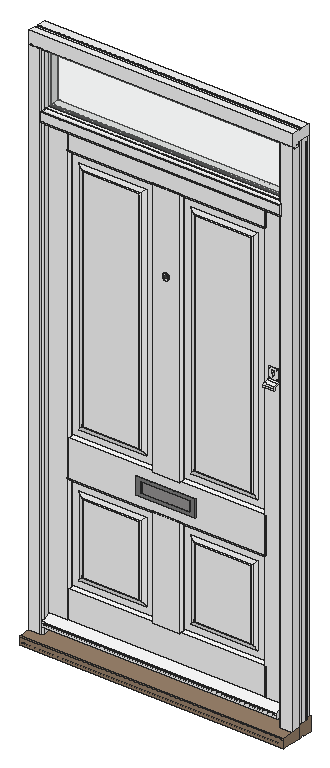
Revit family "ED22-F", category Doors, host Wall, Revit 2012
Parameters
  White = White
  Rough Width = 1128.241 mm
  LeverRequired = no
  Lever/HandleHeight = 1000.0 mm
  Lever/HandleFromLeafSide = 29.0 mm
  LetterBox1 = LetterBox 1
  LetterBox = LetterBox
  Glass = Glass
  Function = Interior
  Height = 2545.0 mm
  Wall Closure = By host
  Width = 1230.0 mm
Reference planes
  plane 1 "Center (Front/Back)": y = 0
  plane 2 "Center (Left/Right)": x = 0
  plane 3 "Left": x = -615
  plane 4 "Right": x = 615
  plane 5 "Top": z = 2545
  plane 6 "Exterior": y = 47
  plane 7 "Interior": y = -47
  plane 8: z = 249.6
  plane 9: z = 717.6
  plane 10: z = 483.6
  plane 11: z = 879.6
  plane 12: z = 1483.3
  plane 13: z = 2493
  plane 14: x = 459
  plane 15: x = -459
  plane 16: x = -275
  plane 17: x = 275
  plane 18: y = -14
  plane 19: z = 2172
  plane 20: z = 2087
  plane 21: x = -91
  plane 22: x = 91
  plane 23: x = -560
  plane 24: x = 560
  plane 25: z = 1500
Forms (mm)
  Sweep 1, solid, material "White" <- "White"
    path origin (0, 0, 0) x (1, 0, 0) y (0, 0, 1)
      loop
        line (-615, 0) -> (-615, 2545) -> (615, 2545) -> (615, 0)
    profile origin (-615, 0, 1272.5) x (-1, 0, 0) y (0, -1, 0)
      loop
        line (0, 10) -> (0, 47) -> (-55, 47) -> (-55, 44)
        arc (-55, 44) -> (-62.071, 41.071) -> (-65, 34) r 10
        line (-65, 34) -> (-68, 34) -> (-68, 18) -> (-48, 18) -> (-48, 14) -> (-56, 14) -> (-56, 4) -> (-48, 4) -> (-48, 1) -> (-54, 1) -> (-54, -7) -> (-48, -7) -> (-48, -32)
        arc (-48, -32) -> (-47.414, -33.414) -> (-46, -34) r 2
        line (-46, -34) -> (-45, -34) -> (-45, -41) -> (-46, -41)
        arc (-46, -41) -> (-47.414, -41.586) -> (-48, -43) r 2
        line (-48, -43) -> (-48, -47) -> (0, -47) -> (0, -42) -> (-2, -42)
        arc (-2, -42) -> (-5, -39) -> (-2, -36) r 3
        line (-2, -36) -> (0, -36) -> (0, -10) -> (-5, -10) -> (-5, 10) -> (0, 10)
  Sweep 2, solid, material "White" <- "White"
    path origin (20, 0, 0) x (1, 0, 0) y (0, 0, 1)
      loop
        line (-635, 71) -> (-635, 2188)
    profile origin (-615, 0, 1129.5) x (-1, 0, 0) y (0, -1, 0)
      loop
        line (-156, 14) -> (-167, 3) -> (-167, 1) -> (-151, 1) -> (-151, -46) -> (-55, -46)
        arc (-55, -46) -> (-52.879, -45.121) -> (-52, -43) r 3
        line (-52, -43) -> (-52, -11)
        arc (-52, -11) -> (-52.586, -9.586) -> (-54, -9) r 2
        line (-54, -9) -> (-60, -9) -> (-60, 11)
        arc (-60, 11) -> (-60.879, 13.121) -> (-63, 14) r 3
        line (-63, 14) -> (-156, 14)
  Sweep 3, solid, material "White" <- "White"
    path origin (-20, 0, 0) x (-1, 0, 0) y (0, 0, -1)
      loop
        line (-635, -71) -> (-635, -2188)
    profile origin (615, 0, 1129.5) x (-1, 0, 0) y (0, -1, 0)
      loop
        line (156, 14) -> (63, 14)
        arc (63, 14) -> (60.879, 13.121) -> (60, 11) r 3
        line (60, 11) -> (60, -9) -> (54, -9)
        arc (54, -9) -> (52.586, -9.586) -> (52, -11) r 2
        line (52, -11) -> (52, -43)
        arc (52, -43) -> (52.879, -45.121) -> (55, -46) r 3
        line (55, -46) -> (151, -46) -> (151, 1) -> (167, 1) -> (167, 3) -> (156, 14)
  Sweep 4, solid, material "Wood"
    path origin (0, 0, 0) x (1, 0, 0) y (0, 0, 1)
      loop
        line (615, 0) -> (-615, 0)
    profile origin (0, 0, 0) x (0, 0, -1) y (0, -1, 0)
      loop
        line (-65, -59) -> (0, -59) -> (0, -22) -> (-5, -22) -> (-5, -2) -> (0, -2) -> (0, 6) -> (-33, 6) -> (-33, 1) -> (-48.176, 1) -> (-48.176, 6) -> (-57, 6)
        arc (-57, 6) -> (-57.707, 5.707) -> (-58, 5) r 1
        line (-58, 5) -> (-58, -43) -> (-68, -43) -> (-68, -56)
        arc (-68, -56) -> (-67.121, -58.121) -> (-65, -59) r 3
  Sweep 5, solid, material "Wood"
    path origin (0, -3.037, 0) x (1, 0, 0) y (0, 0, 1)
      loop
        line (615, 0) -> (-615, 0)
    profile origin (0, -3.037, 0) x (0, 0, -1) y (0, -1, 0)
      loop
        line (-2, 87.963) -> (0, 87.963) -> (0, 92.963) -> (-35.11, 92.963)
        arc (-35.11, 92.963) -> (-36.436, 92.461) -> (-37.095, 91.207) r 2
        line (-37.095, 91.207) -> (-48.176, 0.963) -> (-48.176, -4.037) -> (-33, -4.037) -> (-33, 2.963) -> (0, 2.963) -> (0, 81.963) -> (-2, 81.963)
        arc (-2, 81.963) -> (-5, 84.963) -> (-2, 87.963) r 3
  Sweep 6, solid, material "White" <- "White"
    path origin (0, 3.625, 0) x (1, 0, 0) y (0, 0, 1)
      loop
        line (-464, 483.6) -> (464, 483.6)
    profile origin (0, 3.625, 483.6) x (0, 0, 1) y (0, -1, 0)
      loop
        line (-411.1, -43) -> (-234, -43) -> (-234, 4) -> (-217.9, 4) -> (-217.9, 6) -> (-228.9, 17) -> (-358.9, 17) -> (-358.9, 12) -> (-371.9, 12) -> (-371.9, 17) -> (-403.9, 17) -> (-403.9, -32.375) -> (-412.6, -32.375) -> (-412.6, -41.5)
        arc (-412.6, -41.5) -> (-412.161, -42.561) -> (-411.1, -43) r 1.5
  Sweep 7, solid, material "White" <- "White"
    path origin (0, 3, -5) x (1, 0, 0) y (0, 0, 1)
      loop
        line (-547, 488.6) -> (547, 488.6)
    profile origin (0, 3, 483.6) x (0, 0, 1) y (0, -1, 0)
      loop
        line (-403.9, 17) -> (-371.9, 17) -> (-371.9, 12) -> (-358.9, 12) -> (-358.9, 17) -> (-383.987, 55.631)
        arc (-383.987, 55.631) -> (-385.072, 56.634) -> (-386.503, 56.997) r 3
        line (-386.503, 56.997) -> (-403.9, 56.997) -> (-403.9, 51.997) -> (-401.9, 51.997)
        arc (-401.9, 51.997) -> (-398.9, 48.997) -> (-401.9, 45.997) r 3
        line (-401.9, 45.997) -> (-403.9, 45.997) -> (-403.9, 17)
  Sweep 8, void
    path origin (0, 0, 0) x (1, 0, 0) y (0, 1, 0)
      loop
        line (-615, 0) -> (615, 0)
    profile origin (0, 0, 0) x (0, 1, 0) y (0, 0, 1)
      loop
        line (56, 68) -> (43, 68) -> (43, 58) -> (-5, 58)
        arc (-5, 58) -> (-5.707, 57.707) -> (-6, 57) r 1
        line (-6, 57) -> (-6, 47.93) -> (-94.244, 37.095)
        arc (-94.244, 37.095) -> (-95.498, 36.436) -> (-96, 35.11) r 2
        line (-96, 35.11) -> (-121, 35.11) -> (-121, -20) -> (79, -20) -> (79, 65) -> (59, 65)
        arc (59, 65) -> (58.121, 67.121) -> (56, 68) r 3
  Sweep 9, solid, material "White" <- "White"
    path origin (0, 3.625, 1440) x (1, 0, 0) y (0, 0, 1)
      loop
        line (-464, 732) -> (464, 732)
    profile origin (0, 3.625, 2172) x (0, 0, 1) y (0, -1, 0)
      loop
        line (-90, 17) -> (-101, 6) -> (-101, 4) -> (-85, 4) -> (-85, -43) -> (13, -43)
        arc (13, -43) -> (15.121, -42.121) -> (16, -40) r 3
        line (16, -40) -> (16, -29) -> (13.5, -29) -> (13.5, -9) -> (16, -9) -> (16, -8)
        arc (16, -8) -> (15.414, -6.586) -> (14, -6) r 2
        line (14, -6) -> (8, -6) -> (8, 14)
        arc (8, 14) -> (7.121, 16.121) -> (5, 17) r 3
        line (5, 17) -> (-90, 17)
  Sweep 10, solid, material "White" <- "White"
    path origin (0, -29.222, 4812.706) x (1, 0, 0) y (0, 0, 1)
      loop
        line (-560, -2640.706) -> (560, -2640.706)
    profile origin (0, -29.222, 2172) x (0, 0, 1) y (0, -1, 0)
      loop
        arc (46, -76.2) -> (47.414, -75.614) -> (48, -74.2) r 2
        line (48, -74.2) -> (48, -68.6) -> (45, -68.6) -> (45, -61.2) -> (48, -61.2) -> (48, -16.2) -> (52, -16.2) -> (52, -11.2) -> (57, -11.2) -> (57, -2.2) -> (60, -2.2) -> (60, -11.2) -> (68, -11.2) -> (68, 4.8) -> (65, 4.8)
        arc (65, 4.8) -> (62.071, 11.871) -> (55, 14.8) r 10
        line (55, 14.8) -> (55, 22.8) -> (18, 22.8) -> (18, 19.8)
        arc (18, 19.8) -> (7.393, 15.407) -> (3, 4.8) r 15
        line (3, 4.8) -> (0, 4.8) -> (0, -11.2) -> (8, -11.2) -> (8, -2.2) -> (11, -2.2) -> (11, -11.2) -> (16, -11.2) -> (16, -19.2) -> (20, -19.2) -> (20, -23.2) -> (14, -23.2) -> (14, -32.2) -> (12, -32.2) -> (12, -36.2) -> (20, -36.2) -> (20, -61.2) -> (23, -61.2) -> (23, -68.6) -> (20, -68.6) -> (20, -74.2)
        arc (20, -74.2) -> (20.586, -75.614) -> (22, -76.2) r 2
        line (22, -76.2) -> (46, -76.2)
  Sweep 11, solid, material "White" <- "White"
    path origin (420, 0, -1597) x (-1, 0, 0) y (0, 0, -1)
      loop
        line (362.5, -2314.6) -> (362.5, -1846.6) -> (-44, -1846.6) -> (-44, -2314.6) -> (362.5, -2314.6)
    profile origin (260.75, 0, 717.6) x (0, 0, 1) y (0, -1, 0)
      loop
        line (-5, -44) -> (0, -44) -> (0, -25) -> (-12, -25) -> (-12, -28) -> (-16, -29) -> (-16, -33) -> (-13, -33)
        arc (-13, -33) -> (-10.657, -38.657) -> (-5, -41) r 8
        line (-5, -41) -> (-5, -44)
  Sweep 12, solid, material "White" <- "White"
    path origin (420, 0, -1597) x (-1, 0, 0) y (0, 0, -1)
      loop
        line (-44, -2314.6) -> (362.5, -2314.6) -> (362.5, -1846.6) -> (-44, -1846.6) -> (-44, -2314.6)
    profile origin (260.75, 0, 717.6) x (0, 0, -1) y (0, -1, 0)
      loop
        line (1, -21) -> (1, -25) -> (46.25, -25) -> (66.284, -31.279) -> (72.25, -37.245) -> (72.25, -21) -> (1, -21)
      loop
        line (1, -5) -> (72.25, -5) -> (72.25, 11.245) -> (66.284, 5.279) -> (46.25, -1) -> (1, -1) -> (1, -5)
  Extrusion 13, solid, material "White" <- "White"
    sketch origin (420, 0, 0) x (1, 0, 0) y (0, 0, 1)
      loop
        line (-28.25, 645.35) -> (-290.25, 645.35) -> (-290.25, 321.85) -> (-28.25, 321.85) -> (-28.25, 645.35)
    from -37.245 to 11.245
  Sweep 14, solid, material "White" <- "White"
    path origin (0, 0, 800) x (1, 0, 0) y (0, 0, 1)
      loop
        line (0, -82.4) -> (0, -550.4)
    profile origin (0, 0, 483.6) x (0, -1, 0) y (1, 0, 0)
      loop
        line (14, 62.5) -> (3, 73.5) -> (1, 73.5) -> (1, 57.5) -> (-46, 57.5) -> (-46, 2.465) -> (-46, -57.5) -> (1, -57.5) -> (1, -73.5) -> (3, -73.5) -> (14, -62.5) -> (14, 2.279) -> (14, 62.5)
  Sweep 15, solid, material "White" <- "White"
    path origin (420, 0, -659) x (-1, 0, 0) y (0, 0, -1)
      loop
        line (362.5, -2746) -> (362.5, -1538.6) -> (-44, -1538.6) -> (-44, -2746) -> (362.5, -2746)
    profile origin (260.75, 0, 2087) x (0, 0, 1) y (0, -1, 0)
      loop
        line (-5, -44) -> (0, -44) -> (0, -25) -> (-12, -25) -> (-12, -28) -> (-16, -29) -> (-16, -33) -> (-13, -33)
        arc (-13, -33) -> (-10.657, -38.657) -> (-5, -41) r 8
        line (-5, -41) -> (-5, -44)
  Sweep 16, solid, material "White" <- "White"
    path origin (420, 0, -659) x (-1, 0, 0) y (0, 0, -1)
      loop
        line (-44, -2746) -> (362.5, -2746) -> (362.5, -1538.6) -> (-44, -1538.6) -> (-44, -2746)
    profile origin (260.75, 0, 2087) x (0, 0, -1) y (0, -1, 0)
      loop
        line (1, -21) -> (1, -25) -> (46.25, -25) -> (66.284, -31.279) -> (72.25, -37.245) -> (72.25, -21) -> (1, -21)
      loop
        line (1, -5) -> (72.25, -5) -> (72.25, 11.245) -> (66.284, 5.279) -> (46.25, -1) -> (1, -1) -> (1, -5)
  Extrusion 17, solid, material "White" <- "White"
    sketch origin (420, 0, 938) x (1, 0, 0) y (0, 0, 1)
      loop
        line (-28.25, 1076.75) -> (-290.25, 1076.75) -> (-290.25, 13.85) -> (-28.25, 13.85) -> (-28.25, 1076.75)
    from -37.245 to 11.245
  Sweep 18, solid, material "White" <- "White"
    path origin (-250, 0, -659) x (-1, 0, 0) y (0, 0, -1)
      loop
        line (214, -2746) -> (214, -1538.6) -> (-192.5, -1538.6) -> (-192.5, -2746) -> (214, -2746)
    profile origin (-260.75, 0, 2087) x (0, 0, 1) y (0, -1, 0)
      loop
        line (-5, -44) -> (0, -44) -> (0, -25) -> (-12, -25) -> (-12, -28) -> (-16, -29) -> (-16, -33) -> (-13, -33)
        arc (-13, -33) -> (-10.657, -38.657) -> (-5, -41) r 8
        line (-5, -41) -> (-5, -44)
  Sweep 19, solid, material "White" <- "White"
    path origin (-250, 0, -659) x (-1, 0, 0) y (0, 0, -1)
      loop
        line (-192.5, -2746) -> (214, -2746) -> (214, -1538.6) -> (-192.5, -1538.6) -> (-192.5, -2746)
    profile origin (-260.75, 0, 2087) x (0, 0, -1) y (0, -1, 0)
      loop
        line (1, -21) -> (1, -25) -> (46.25, -25) -> (66.284, -31.279) -> (72.25, -37.245) -> (72.25, -21) -> (1, -21)
      loop
        line (1, -5) -> (72.25, -5) -> (72.25, 11.245) -> (66.284, 5.279) -> (46.25, -1) -> (1, -1) -> (1, -5)
  Extrusion 20, solid, material "White" <- "White"
    sketch origin (-250, 0, 938) x (1, 0, 0) y (0, 0, 1)
      loop
        line (120.25, 1076.75) -> (-141.75, 1076.75) -> (-141.75, 13.85) -> (120.25, 13.85) -> (120.25, 1076.75)
    from -37.245 to 11.245
  Sweep 21, solid, material "White" <- "White"
    path origin (0, 0, 0) x (1, 0, 0) y (0, 0, 1)
      loop
        line (-547, 2477) -> (-547, 2240) -> (547, 2240) -> (547, 2477) -> (-547, 2477)
    profile origin (0, 0, 2477) x (0, 0, 1) y (0, -1, 0)
      loop
        line (20, -4) -> (5.47, -4)
        arc (5.47, -4) -> (2.474, -5.35) -> (1.5, -8.487) r 4
        line (1.5, -8.487) -> (6.01, -45.222)
        arc (6.01, -45.222) -> (6.67, -46.476) -> (7.995, -46.978) r 2
        line (7.995, -46.978) -> (18, -46.978)
        arc (18, -46.978) -> (19.414, -46.392) -> (20, -44.978) r 2
        line (20, -44.978) -> (20, -4)
      loop
        line (16, 0) -> (16, 8) -> (8, 8) -> (8, 0) -> (16, 0)
      loop
        line (5.299, 16) -> (16, 16) -> (16, 18) -> (5.299, 18) -> (5.299, 16)
  Sweep 22, solid, material "White" <- "White"
    path origin (0, 0, 0) x (1, 0, 0) y (0, 0, 1)
      loop
        line (-547, 2477) -> (-547, 2240) -> (547, 2240) -> (547, 2477) -> (-547, 2477)
    profile origin (0, 0, 2477) x (0, 0, 1) y (0, -1, 0)
      loop
        line (16, 13.022) -> (16, -2) -> (5.299, -2) -> (5.299, -4) -> (20, -4) -> (20, 13.022) -> (16, 13.022)
  Extrusion 23, solid, material "Glass" <- "Glass"
    sketch origin (0, 0, 0) x (0, 1, 0) y (0, 0, 1)
      loop
        line (2, 2493) -> (0, 2493) -> (0, 2224) -> (2, 2224) -> (2, 2493)
      loop
        line (-14, 2493) -> (-16, 2493) -> (-16, 2224) -> (-14, 2224) -> (-14, 2493)
    from -560 to 560
  Sweep 24, solid, material "White" <- "White"
    path origin (580, 4.25, 640) x (1, 0, 0) y (0, 0, 1)
      loop
        line (-1044, 239.6) -> (-116, 239.6)
    profile origin (0, 4.25, 879.6) x (0, 0, 1) y (0, -1, 0)
      loop
        line (-162, -43) -> (0, -43) -> (0, 4) -> (16, 4) -> (16, 6) -> (5, 17) -> (-167, 17) -> (-178, 6) -> (-178, 4) -> (-162, 4) -> (-162, -43)
  Sweep 25, solid, material "White" <- "White"
    path origin (0, 0, 1580) x (1, 0, 0) y (0, 0, 1)
      loop
        line (0, 507) -> (0, -700.4)
    profile origin (0, 0, 1483.3) x (0, -1, 0) y (1, 0, 0)
      loop
        line (14, 62.5) -> (3, 73.5) -> (1, 73.5) -> (1, 57.5) -> (-46, 57.5) -> (-46, 2.465) -> (-46, -57.5) -> (1, -57.5) -> (1, -73.5) -> (3, -73.5) -> (14, -62.5) -> (14, 2.279) -> (14, 62.5)
  Sweep 26, solid, material "White" <- "White"
    path origin (0, -29.2, 0) x (1, 0, 0) y (0, 0, 1)
      loop
        line (-615, 2545) -> (615, 2545)
    profile origin (0, -29.2, 2545) x (0, 0, 1) y (0, -1, 0)
      loop
        line (0, -17.2) -> (0, 17.8) -> (-55, 17.8) -> (-55, 14.8)
        arc (-55, 14.8) -> (-62.071, 11.871) -> (-65, 4.8) r 10
        line (-65, 4.8) -> (-68, 4.8) -> (-68, -11.2) -> (-60, -11.2) -> (-60, -2.2) -> (-57, -2.2) -> (-57, -11.2) -> (-52, -11.2) -> (-52, -16.2) -> (-48, -16.2) -> (-48, -61.2) -> (-45, -61.2) -> (-45, -68.6) -> (-48, -68.6) -> (-48, -74.2)
        arc (-48, -74.2) -> (-47.414, -75.614) -> (-46, -76.2) r 2
        line (-46, -76.2) -> (0, -76.2) -> (0, -37.2) -> (-5, -37.2) -> (-5, -17.2) -> (0, -17.2)
  Extrusion 27, void
    sketch origin (0, 0, 0) x (0, 1, 0) y (0, 0, 1)
      loop
        line (43, 2497) -> (47, 2497) -> (47, 2545) -> (10, 2545) -> (10, 2540) -> (-10, 2540) -> (-10, 2545) -> (-47, 2545) -> (-47, 2490) -> (-44, 2490)
        arc (-44, 2490) -> (-41.071, 2482.929) -> (-34, 2480) r 10
        line (-34, 2480) -> (-34, 2477) -> (-16, 2477) -> (-16, 2485) -> (-25, 2485) -> (-25, 2488) -> (-16, 2488) -> (-16, 2493) -> (-11, 2493) -> (-11, 2497) -> (32, 2497)
        arc (32, 2497) -> (33.414, 2497.586) -> (34, 2499) r 2
        line (34, 2499) -> (34, 2500) -> (41, 2500) -> (41, 2499)
        arc (41, 2499) -> (41.586, 2497.586) -> (43, 2497) r 2
    from -615 to 615
  Sweep 28, solid, material "White" <- "White"
    path origin (-101.5, 0, -1597) x (-1, 0, 0) y (0, 0, -1)
      loop
        line (362.5, -2314.6) -> (362.5, -1846.6) -> (-44, -1846.6) -> (-44, -2314.6) -> (362.5, -2314.6)
    profile origin (-260.75, 0, 717.6) x (0, 0, 1) y (0, -1, 0)
      loop
        line (-5, -44) -> (0, -44) -> (0, -25) -> (-12, -25) -> (-12, -28) -> (-16, -29) -> (-16, -33) -> (-13, -33)
        arc (-13, -33) -> (-10.657, -38.657) -> (-5, -41) r 8
        line (-5, -41) -> (-5, -44)
  Sweep 29, solid, material "White" <- "White"
    path origin (-101.5, 0, -1597) x (-1, 0, 0) y (0, 0, -1)
      loop
        line (-44, -2314.6) -> (362.5, -2314.6) -> (362.5, -1846.6) -> (-44, -1846.6) -> (-44, -2314.6)
    profile origin (-260.75, 0, 717.6) x (0, 0, -1) y (0, -1, 0)
      loop
        line (1, -21) -> (1, -25) -> (46.25, -25) -> (66.284, -31.279) -> (72.25, -37.245) -> (72.25, -21) -> (1, -21)
      loop
        line (1, -5) -> (72.25, -5) -> (72.25, 11.245) -> (66.284, 5.279) -> (46.25, -1) -> (1, -1) -> (1, -5)
  Extrusion 30, solid, material "White" <- "White"
    sketch origin (-101.5, 0, 0) x (1, 0, 0) y (0, 0, 1)
      loop
        line (-28.25, 645.35) -> (-290.25, 645.35) -> (-290.25, 321.85) -> (-28.25, 321.85) -> (-28.25, 645.35)
    from -37.245 to 11.245
Cuts and joins
  Sweep 8, Extrusion 27 cuts Sweep 1
  Sweep 8 cuts Sweep 2
  Sweep 8 cuts Sweep 3
  Extrusion 27 cuts Sweep 21
  Extrusion 27 cuts Sweep 22
  Extrusion 27 cuts Extrusion 23
Lines and regions (mm)
  Opening 1
    outline origin (-2286, -47, 0) x (1, 0, 0) y (0, 0, 1)
      loop
        line (1671, 0) -> (2901, 0) -> (2901, 2545) -> (1671, 2545) -> (1671, 0)
  model lines, style "Elevation Swing"
    curve 1: line (-563, 47, 0) -> (-563, 1168.069, 0)
    curve 2: arc (-563, 1168.069, 0) -> (234.787, 837.614, 0) -> (565.241, 39.828, 0) r 1128.241
Text (mm)
  text "Exterior" at (-1904.17, 693.701, 0), in view "Ref. Level"
  text "Interior" at (-1904.17, -638.649, 0), in view "Ref. Level"
  text "Exterior" at (0, 1019.848, 3124.603), in view "Right"
  text "Interior" at (0, -1635.541, 3124.603), in view "Right"
  text "Interior" at (0, -787.806, 3124.376), in view "Left"
  text "Exterior" at (0, 1386.095, 3124.376), in view "Left"
Dimensions and locks
  equal spacing: plane 3 "Left", plane 2 "Center (Left/Right)", plane 4 "Right"
  "Height": level to plane 5 "Top"
  "Width": plane 3 "Left" to plane 4 "Right"
  host wall to plane 5 "Top" = 2545.0 mm
  locked: level to plane 8 at 249.6
  equal spacing: plane 8, plane 10, plane 9
  locked: plane 9 to plane 11 at 162
  locked: plane 13 to plane 5 "Top" at 52
  locked: plane 14 to plane 4 "Right" at 156
  locked: plane 3 "Left" to plane 15 at 156
  locked: Sweep 2 sketch curve to plane 15 at 5
  locked: Sweep 1 to Sweep 2 sketch curve at 4
  locked: plane 14 to Sweep 3 sketch curve at 5
  locked: Sweep 3 sketch curve to plane 4 "Right" at 52
  equal spacing: plane 9, nested 1, plane 11, locked at 81 each
  locked: plane 19 to plane 5 "Top" at 373
  locked: Sweep 10 sketch curve to Sweep 10 sketch curve at 68
  locked: Sweep 11 sketch curve to Sweep 11 sketch curve at 5
  locked: Sweep 11 sketch curve to Sweep 11 sketch curve at 19
  locked: Sweep 11 sketch curve to Sweep 11 sketch curve at 3  (x2)
  locked: Sweep 11 sketch curve to Sweep 11 sketch curve at 4
  locked: Sweep 12 sketch curve to Sweep 12 sketch curve at 20.995  (x2)
  locked: Sweep 9 sketch curve to plane 20 at 16
  locked: plane 20 to plane 19 at 85
  Sweep 14 sketch curve to Sweep 14 sketch curve = 115.0 mm
  locked: Sweep 15 sketch curve to Sweep 15 sketch curve at 5
  locked: Sweep 15 sketch curve to Sweep 15 sketch curve at 19
  locked: Sweep 15 sketch curve to Sweep 15 sketch curve at 3  (x2)
  locked: Sweep 15 sketch curve to Sweep 15 sketch curve at 4
  locked: Sweep 16 sketch curve to Sweep 16 sketch curve at 20.995  (x2)
  locked: Sweep 18 sketch curve to Sweep 18 sketch curve at 5
  locked: Sweep 18 sketch curve to Sweep 18 sketch curve at 19
  locked: Sweep 18 sketch curve to Sweep 18 sketch curve at 3  (x2)
  locked: Sweep 18 sketch curve to Sweep 18 sketch curve at 4
  locked: Sweep 19 sketch curve to Sweep 19 sketch curve at 20.995  (x2)
  equal spacing: plane 21, plane 2 "Center (Left/Right)", plane 22
  equal spacing: plane 22, plane 17, plane 14
  equal spacing: plane 15, plane 16, plane 21
  locked: plane 3 "Left" to plane 23 at 55
  locked: plane 24 to plane 4 "Right" at 55
  locked: plane 25 to level at 1500
  equal spacing: plane 11, plane 12, plane 20
  Sweep 25 sketch curve to Sweep 25 sketch curve = 115.0 mm
  locked: Extrusion 27 sketch curve to Extrusion 27 sketch curve at 5  (x3)
  locked: Extrusion 27 sketch curve to Extrusion 27 sketch curve at 20
  locked: Extrusion 27 sketch curve to Extrusion 27 sketch curve at 10  (x2)
  locked: Extrusion 27 sketch curve to Extrusion 27 sketch curve at 3  (x2)
  locked: Extrusion 27 sketch curve to Extrusion 27 sketch curve at 9
  locked: Extrusion 27 sketch curve to Extrusion 27 sketch curve at 8
  locked: Extrusion 27 sketch curve to Extrusion 27 sketch curve at 45
  locked: Extrusion 27 sketch curve to Extrusion 27 sketch curve at 48
  locked: Extrusion 27 sketch curve to Extrusion 27 sketch curve at 37
  locked: Sweep 28 sketch curve to Sweep 28 sketch curve at 5
  locked: Sweep 28 sketch curve to Sweep 28 sketch curve at 19
  locked: Sweep 28 sketch curve to Sweep 28 sketch curve at 3  (x2)
  locked: Sweep 28 sketch curve to Sweep 28 sketch curve at 4
  locked: Sweep 29 sketch curve to Sweep 29 sketch curve at 20.995  (x2)
  radius of Sweep 11 sketch curve = 8.0 mm
  radius of Sweep 15 sketch curve = 8.0 mm
  radius of Sweep 18 sketch curve = 8.0 mm
  "Rough Width": radius of curve 2
  radius of Sweep 28 sketch curve = 8.0 mm
  aligned and locked: plane 3 "Left" to Opening 1 sketch curve
  aligned and locked: plane 5 "Top" to Opening 1 sketch curve  (x2)
  aligned and locked: Opening 1 sketch curve to plane 4 "Right"
  aligned and locked: Opening 1 sketch curve to level
  aligned and locked: plane 6 "Exterior" to host wall
  aligned and locked: plane 7 "Interior" to host wall
  aligned and locked: Sweep 1 sketch curve to plane 3 "Left"
  aligned and locked: level to Sweep 1 sketch curve  (x2)
  aligned and locked: Sweep 2 sketch curve to plane 3 "Left"
  aligned and locked: plane 4 "Right" to Sweep 4 sketch curve
  aligned and locked: plane 3 "Left" to Sweep 4 sketch curve
  aligned and locked: Sweep 6 sketch curve to plane 10
  aligned and locked: Sweep 6 sketch curve to plane 8
  aligned and locked: Sweep 7 sketch curve to plane 10
  aligned and locked: plane 18 to nested 1
  aligned and locked: plane 2 "Center (Left/Right)" to nested 1
  aligned and locked: host wall to Sweep 8 sketch curve
  aligned and locked: plane 3 "Left" to Sweep 8 sketch curve
  aligned and locked: plane 4 "Right" to Sweep 8 sketch curve
  aligned and locked: plane 19 to Sweep 10 sketch curve
  aligned and locked: plane 19 to Sweep 9 sketch curve
  aligned and locked: Sweep 12 sketch curve to Sweep 12 sketch curve  (x2)
  aligned and locked: Extrusion 13 sketch curve to Sweep 12  (x4)
  aligned and locked: Extrusion 13 to Sweep 12  (x2)
  aligned and locked: plane 9 to Sweep 11 sketch curve
  aligned and locked: Sweep 11 sketch curve to plane 8
  aligned and locked: Sweep 11 sketch curve to cut or joined group of Sweep 3, Sweep 8
  aligned and locked: plane 8 to Sweep 12 sketch curve
  aligned and locked: Sweep 12 sketch curve to plane 9
  aligned and locked: cut or joined group of Sweep 3, Sweep 8 to Sweep 12 sketch curve
  aligned and locked: plane 20 to Sweep 9 sketch curve
  aligned and locked: Sweep 16 sketch curve to Sweep 16 sketch curve  (x2)
  aligned and locked: Extrusion 17 sketch curve to Sweep 16  (x4)
  aligned and locked: Extrusion 17 to Sweep 16  (x2)
  aligned and locked: Sweep 16 sketch curve to Sweep 14
  aligned and locked: cut or joined group of Sweep 3, Sweep 8 to Sweep 16 sketch curve
  aligned and locked: plane 11 to Sweep 16 sketch curve
  aligned and locked: Sweep 14 to Sweep 15 sketch curve
  aligned and locked: Sweep 15 sketch curve to cut or joined group of Sweep 3, Sweep 8
  aligned and locked: Sweep 15 sketch curve to plane 11
  aligned and locked: Sweep 19 sketch curve to Sweep 19 sketch curve  (x2)
  aligned and locked: Extrusion 20 sketch curve to Sweep 19  (x4)
  aligned and locked: Extrusion 20 to Sweep 19  (x2)
  aligned and locked: plane 11 to Sweep 19 sketch curve
  aligned and locked: Sweep 14 to Sweep 19 sketch curve
  aligned and locked: cut or joined group of Sweep 2, Sweep 8 to Sweep 19 sketch curve
  aligned and locked: Sweep 18 sketch curve to plane 11
  aligned and locked: Sweep 18 sketch curve to Sweep 14
  aligned and locked: plane 5 "Top" to Sweep 1 sketch curve
  aligned and locked: plane 4 "Right" to Sweep 1 sketch curve
  aligned and locked: Sweep 10 to Sweep 21 sketch curve
  aligned and locked: Sweep 10 to Sweep 22 sketch curve
  aligned and locked: Extrusion 23 sketch curve to plane 13  (x2)
  aligned and locked: Sweep 22 to Extrusion 23 sketch curve  (x2)
  aligned and locked: Extrusion 23 sketch curve to plane 18
  aligned and locked: Extrusion 23 sketch curve to Sweep 22
  aligned and locked: Extrusion 23 to plane 24
  aligned and locked: plane 23 to Extrusion 23
  aligned and locked: Sweep 15 sketch curve to plane 20
  aligned and locked: plane 20 to Sweep 16 sketch curve
  aligned and locked: Sweep 18 sketch curve to plane 20
  aligned and locked: Sweep 11 sketch curve to Sweep 25
  aligned and locked: Sweep 25 to Sweep 12 sketch curve
  aligned and locked: Sweep 18 sketch curve to cut or joined group of Sweep 2, Sweep 8
  aligned and locked: nested 3 to nested 1  (x2)
  aligned and locked: cut or joined group of Sweep 2, Sweep 8 to curve 1
  aligned and locked: nested 5 to nested 4
  aligned and locked: Extrusion 27 sketch curve to cut or joined group of Sweep 1, Sweep 8, Extrusion 27  (x6)
  aligned and locked: cut or joined group of Sweep 1, Sweep 8, Extrusion 27 to plane 4 "Right"
  aligned and locked: plane 3 "Left" to cut or joined group of Sweep 1, Sweep 8, Extrusion 27
  aligned and locked: Sweep 26 to plane 3 "Left"
  aligned and locked: Sweep 26 to plane 4 "Right"
  aligned and locked: Sweep 11 to Sweep 6 sketch curve
  aligned and locked: Sweep 6 sketch curve to cut or joined group of Sweep 2, Sweep 8
  aligned and locked: Sweep 29 sketch curve to Sweep 29 sketch curve  (x2)
  aligned and locked: Extrusion 30 sketch curve to Sweep 29  (x4)
  aligned and locked: Extrusion 30 to Sweep 29  (x2)
Automatic sketch dimensions
  Sweep 1 sketch curve to profile plane = 0.0 mm  (x3)
  profile plane to Sweep 1 sketch curve = 2.0 mm
  profile plane to Sweep 1 sketch curve = 5.0 mm
  Sweep 1 sketch curve to Sweep 1 sketch curve = 43.0 mm
  Sweep 1 sketch curve to Sweep 1 sketch curve = 1.0 mm  (x2)
  profile plane to Sweep 1 sketch curve = 1.0 mm
  Sweep 1 sketch curve to Sweep 1 sketch curve = 2.0 mm  (x2)
  Sweep 1 sketch curve to Sweep 1 sketch curve = 0.0 mm  (x2)
  Sweep 1 sketch curve to Sweep 1 sketch curve = 6.0 mm
  Sweep 1 sketch curve to Sweep 1 sketch curve = 7.0 mm  (x2)
  Sweep 1 sketch curve to Sweep 1 sketch curve = 8.0 mm
  Sweep 1 sketch curve to Sweep 1 sketch curve = 10.0 mm  (x2)
  Sweep 1 sketch curve to Sweep 1 sketch curve = 12.0 mm
  Sweep 1 sketch curve to profile plane = 7.0 mm
  Sweep 1 sketch curve to profile plane = 10.0 mm
  Sweep 1 sketch curve to Sweep 1 sketch curve = 25.0 mm
  Sweep 1 sketch curve to Sweep 1 sketch curve = 26.0 mm
  Sweep 1 sketch curve to Sweep 1 sketch curve = 3.0 mm  (x2)
  Sweep 1 sketch curve to Sweep 1 sketch curve = 4.0 mm  (x2)
  profile plane to Sweep 1 sketch curve = 10.0 mm
  Sweep 1 sketch curve to Sweep 1 sketch curve = 16.0 mm
  Sweep 1 sketch curve to Sweep 1 sketch curve = 37.0 mm
  level to Sweep 2 sketch curve = 71.0 mm
  Sweep 2 sketch curve to plane 19 = 16.0 mm
  profile plane to Sweep 2 sketch curve = 14.0 mm
  Sweep 2 sketch curve to Sweep 2 sketch curve = 5.0 mm
  profile plane to Sweep 2 sketch curve = 1.0 mm
  Sweep 2 sketch curve to Sweep 2 sketch curve = 16.0 mm
  profile plane to Sweep 2 sketch curve = 11.0 mm
  Sweep 2 sketch curve to Sweep 2 sketch curve = 11.0 mm
  Sweep 2 sketch curve to Sweep 2 sketch curve = 3.0 mm
  Sweep 2 sketch curve to Sweep 2 sketch curve = 2.0 mm  (x2)
  Sweep 2 sketch curve to profile plane = 9.0 mm
  Sweep 2 sketch curve to Sweep 2 sketch curve = 32.0 mm
  plane 4 "Right" to Sweep 3 sketch curve = 0.0 mm
  Sweep 3 sketch curve to plane 19 = 16.0 mm
  level to Sweep 3 sketch curve = 71.0 mm
  Sweep 3 sketch curve to Sweep 3 sketch curve = 2.0 mm
  Sweep 3 sketch curve to Sweep 3 sketch curve = 3.0 mm  (x2)
  Sweep 3 sketch curve to Sweep 3 sketch curve = 6.0 mm
  profile plane to Sweep 3 sketch curve = 14.0 mm
  Sweep 3 sketch curve to Sweep 3 sketch curve = 5.0 mm
  profile plane to Sweep 3 sketch curve = 3.0 mm
  Sweep 3 sketch curve to Sweep 3 sketch curve = 11.0 mm
  profile plane to Sweep 3 sketch curve = 1.0 mm
  Sweep 3 sketch curve to profile plane = 9.0 mm
  Sweep 3 sketch curve to Sweep 3 sketch curve = 32.0 mm
  Sweep 4 sketch curve to level = 0.0 mm
  Sweep 4 sketch curve to profile plane = 0.0 mm  (x2)
  Sweep 4 sketch curve to profile plane = 2.0 mm
  Sweep 4 sketch curve to Sweep 4 sketch curve = 5.0 mm  (x2)
  profile plane to Sweep 4 sketch curve = 1.0 mm
  Sweep 4 sketch curve to Sweep 4 sketch curve = 28.0 mm
  profile plane to Sweep 4 sketch curve = 6.0 mm
  Sweep 4 sketch curve to Sweep 4 sketch curve = 15.176 mm
  Sweep 4 sketch curve to Sweep 4 sketch curve = 8.824 mm
  Sweep 4 sketch curve to Sweep 4 sketch curve = 9.824 mm
  Sweep 4 sketch curve to Sweep 4 sketch curve = 7.0 mm
  Sweep 4 sketch curve to Sweep 4 sketch curve = 3.0 mm
  Sweep 4 sketch curve to Sweep 4 sketch curve = 20.0 mm
  Sweep 4 sketch curve to profile plane = 43.0 mm
  Sweep 4 sketch curve to Sweep 4 sketch curve = 13.0 mm
  Sweep 5 sketch curve to level = 0.0 mm
  plane 3 "Left" to Sweep 5 sketch curve = 0.0 mm
  plane 4 "Right" to Sweep 5 sketch curve = 0.0 mm
  Sweep 5 sketch curve to profile plane = 0.0 mm  (x2)
  Sweep 5 sketch curve to Sweep 5 sketch curve = 2.0 mm
  profile plane to Sweep 5 sketch curve = 2.963 mm
  Sweep 5 sketch curve to Sweep 5 sketch curve = 33.0 mm
  Sweep 5 sketch curve to Sweep 5 sketch curve = 33.11 mm
  Sweep 5 sketch curve to Sweep 5 sketch curve = 1.985 mm
  Sweep 5 sketch curve to profile plane = 4.037 mm
  Sweep 5 sketch curve to Sweep 5 sketch curve = 15.176 mm
  profile plane to Sweep 5 sketch curve = 0.963 mm
  Sweep 5 sketch curve to Sweep 5 sketch curve = 79.0 mm
  Sweep 5 sketch curve to Sweep 5 sketch curve = 3.0 mm  (x2)
  Sweep 5 sketch curve to Sweep 5 sketch curve = 0.244 mm
  profile plane to Sweep 6 sketch curve = 17.0 mm  (x2)
  Sweep 6 sketch curve to Sweep 6 sketch curve = 124.9 mm
  Sweep 6 sketch curve to Sweep 6 sketch curve = 13.0 mm
  Sweep 6 sketch curve to Sweep 6 sketch curve = 32.0 mm
  Sweep 6 sketch curve to Sweep 6 sketch curve = 7.2 mm
  Sweep 6 sketch curve to Sweep 6 sketch curve = 1.5 mm
  Sweep 6 sketch curve to Sweep 6 sketch curve = 5.1 mm
  profile plane to Sweep 6 sketch curve = 4.0 mm
  Sweep 6 sketch curve to Sweep 6 sketch curve = 16.1 mm
  Sweep 6 sketch curve to profile plane = 32.375 mm
  Sweep 6 sketch curve to Sweep 6 sketch curve = 9.125 mm
  Sweep 6 sketch curve to Sweep 6 sketch curve = 2.0 mm
  profile plane to Sweep 6 sketch curve = 12.0 mm
  Sweep 7 sketch curve to plane 23 = 13.0 mm
  plane 24 to Sweep 7 sketch curve = 13.0 mm
  profile plane to Sweep 7 sketch curve = 17.0 mm
  profile plane to Sweep 7 sketch curve = 403.9 mm
  Sweep 7 sketch curve to Sweep 7 sketch curve = 0.0 mm
  Sweep 7 sketch curve to Sweep 7 sketch curve = 2.0 mm
  Sweep 7 sketch curve to Sweep 7 sketch curve = 15.397 mm
  profile plane to Sweep 7 sketch curve = 55.631 mm
  Sweep 7 sketch curve to Sweep 7 sketch curve = 2.516 mm
  profile plane to Sweep 7 sketch curve = 12.0 mm
  Sweep 7 sketch curve to Sweep 7 sketch curve = 32.0 mm
  Sweep 7 sketch curve to Sweep 7 sketch curve = 13.0 mm
  Sweep 7 sketch curve to Sweep 7 sketch curve = 5.0 mm
  Sweep 7 sketch curve to Sweep 7 sketch curve = 9.634 mm
  Sweep 7 sketch curve to Sweep 7 sketch curve = 3.0 mm
  Sweep 7 sketch curve to Sweep 7 sketch curve = 1.634 mm
  curve 1 to host wall = 0.0 mm
  curve 2 to host wall = 7.172 mm
  level to Sweep 8 sketch curve = 35.11 mm
  profile plane to Sweep 8 sketch curve = 121.0 mm
  Sweep 8 sketch curve to Sweep 8 sketch curve = 25.0 mm
  level to Sweep 8 sketch curve = 37.095 mm
  Sweep 8 sketch curve to Sweep 8 sketch curve = 1.756 mm
  profile plane to Sweep 8 sketch curve = 6.0 mm
  Sweep 8 sketch curve to Sweep 8 sketch curve = 1.0 mm
  Sweep 8 sketch curve to profile plane = 43.0 mm
  Sweep 8 sketch curve to Sweep 8 sketch curve = 13.0 mm
  Sweep 8 sketch curve to Sweep 8 sketch curve = 3.0 mm
  Sweep 8 sketch curve to Sweep 8 sketch curve = 20.0 mm
  Sweep 8 sketch curve to level = 20.0 mm
  level to Sweep 8 sketch curve = 47.93 mm
  Sweep 8 sketch curve to Sweep 8 sketch curve = 9.07 mm
  Sweep 8 sketch curve to Sweep 8 sketch curve = 7.0 mm
  plane 15 to Sweep 9 sketch curve = 5.0 mm
  Sweep 9 sketch curve to plane 14 = 5.0 mm
  profile plane to Sweep 9 sketch curve = 17.0 mm
  Sweep 9 sketch curve to Sweep 9 sketch curve = 5.0 mm
  Sweep 9 sketch curve to profile plane = 5.0 mm
  Sweep 9 sketch curve to Sweep 9 sketch curve = 3.0 mm
  Sweep 9 sketch curve to profile plane = 13.0 mm
  Sweep 9 sketch curve to Sweep 9 sketch curve = 0.5 mm  (x2)
  Sweep 9 sketch curve to Sweep 9 sketch curve = 2.0 mm
  Sweep 9 sketch curve to Sweep 9 sketch curve = 2.5 mm
  profile plane to Sweep 9 sketch curve = 6.0 mm
  profile plane to Sweep 9 sketch curve = 4.0 mm
  Sweep 9 sketch curve to profile plane = 6.0 mm
  Sweep 9 sketch curve to Sweep 9 sketch curve = 1.0 mm
  Sweep 9 sketch curve to Sweep 9 sketch curve = 20.0 mm
  Sweep 9 sketch curve to Sweep 9 sketch curve = 11.0 mm
  plane 23 to Sweep 10 sketch curve = 0.0 mm
  plane 24 to Sweep 10 sketch curve = 0.0 mm
  profile plane to Sweep 10 sketch curve = 0.0 mm
  Sweep 10 sketch curve to profile plane = 3.0 mm
  Sweep 10 sketch curve to profile plane = 8.0 mm
  Sweep 10 sketch curve to Sweep 10 sketch curve = 3.0 mm  (x5)
  Sweep 10 sketch curve to profile plane = 12.0 mm
  Sweep 10 sketch curve to Sweep 10 sketch curve = 2.0 mm  (x3)
  Sweep 10 sketch curve to Sweep 10 sketch curve = 5.0 mm  (x3)
  profile plane to Sweep 10 sketch curve = 4.8 mm  (x2)
  Sweep 10 sketch curve to Sweep 10 sketch curve = 7.0 mm
  Sweep 10 sketch curve to Sweep 10 sketch curve = 4.0 mm  (x4)
  Sweep 10 sketch curve to profile plane = 20.0 mm
  Sweep 10 sketch curve to Sweep 10 sketch curve = 6.0 mm
  Sweep 10 sketch curve to Sweep 10 sketch curve = 22.0 mm
  Sweep 10 sketch curve to Sweep 10 sketch curve = 1.0 mm
  Sweep 10 sketch curve to Sweep 10 sketch curve = 20.0 mm
  Sweep 10 sketch curve to Sweep 10 sketch curve = 13.0 mm
  Sweep 10 sketch curve to profile plane = 2.2 mm  (x2)
  Sweep 10 sketch curve to Sweep 10 sketch curve = 9.0 mm  (x3)
  Sweep 10 sketch curve to Sweep 10 sketch curve = 0.0 mm  (x3)
  Sweep 10 sketch curve to Sweep 10 sketch curve = 8.0 mm
  Sweep 10 sketch curve to Sweep 10 sketch curve = 25.0 mm
  Sweep 10 sketch curve to Sweep 10 sketch curve = 7.4 mm  (x2)
  Sweep 10 sketch curve to Sweep 10 sketch curve = 5.6 mm
  profile plane to Sweep 11 sketch curve = 0.0 mm
  Sweep 11 sketch curve to Sweep 11 sketch curve = 3.0 mm
  Sweep 11 sketch curve to profile plane = 44.0 mm
  Sweep 11 sketch curve to Sweep 11 sketch curve = 4.0 mm
  Sweep 12 sketch curve to profile plane = 1.0 mm  (x2)
  Sweep 12 sketch curve to Sweep 12 sketch curve = 45.25 mm
  Sweep 12 sketch curve to Sweep 12 sketch curve = 0.0 mm
  Sweep 12 sketch curve to profile plane = 31.279 mm
  Sweep 12 sketch curve to Sweep 12 sketch curve = 20.034 mm
  profile plane to Sweep 12 sketch curve = 5.279 mm
  Sweep 12 sketch curve to Sweep 12 sketch curve = 5.966 mm  (x3)
  Sweep 12 sketch curve to Sweep 12 sketch curve = 10.279 mm
  Sweep 12 sketch curve to profile plane = 5.0 mm
  Sweep 14 sketch curve to plane 2 "Center (Left/Right)" = 0.0 mm
  Sweep 14 sketch curve to plane 8 = 0.0 mm
  Sweep 14 sketch curve to plane 9 = 0.0 mm
  Sweep 14 sketch curve to profile plane = 46.0 mm
  profile plane to Sweep 14 sketch curve = 1.0 mm  (x2)
  Sweep 14 sketch curve to Sweep 14 sketch curve = 2.0 mm  (x2)
  Sweep 14 sketch curve to Sweep 14 sketch curve = 13.0 mm
  profile plane to Sweep 14 sketch curve = 73.5 mm
  Sweep 14 sketch curve to Sweep 14 sketch curve = 11.0 mm  (x2)
  Sweep 14 sketch curve to Sweep 14 sketch curve = 5.0 mm  (x2)
  Sweep 14 sketch curve to profile plane = 2.279 mm
  Sweep 14 sketch curve to profile plane = 2.465 mm
  Sweep 14 sketch curve to Sweep 14 sketch curve = 55.035 mm
  profile plane to Sweep 15 sketch curve = 0.0 mm
  Sweep 15 sketch curve to Sweep 15 sketch curve = 3.0 mm
  Sweep 15 sketch curve to profile plane = 44.0 mm
  Sweep 15 sketch curve to Sweep 15 sketch curve = 4.0 mm
  Sweep 16 sketch curve to profile plane = 1.0 mm  (x2)
  Sweep 16 sketch curve to Sweep 16 sketch curve = 45.25 mm
  Sweep 16 sketch curve to Sweep 16 sketch curve = 0.0 mm
  Sweep 16 sketch curve to profile plane = 31.279 mm
  Sweep 16 sketch curve to Sweep 16 sketch curve = 20.034 mm
  profile plane to Sweep 16 sketch curve = 5.279 mm
  Sweep 16 sketch curve to Sweep 16 sketch curve = 5.966 mm  (x3)
  Sweep 16 sketch curve to Sweep 16 sketch curve = 10.279 mm
  Sweep 16 sketch curve to profile plane = 5.0 mm
  profile plane to Sweep 18 sketch curve = 0.0 mm
  Sweep 18 sketch curve to Sweep 18 sketch curve = 3.0 mm
  Sweep 18 sketch curve to profile plane = 44.0 mm
  Sweep 18 sketch curve to Sweep 18 sketch curve = 4.0 mm
  Sweep 19 sketch curve to plane 20 = 0.0 mm
  Sweep 19 sketch curve to profile plane = 1.0 mm  (x2)
  Sweep 19 sketch curve to Sweep 19 sketch curve = 45.25 mm
  Sweep 19 sketch curve to Sweep 19 sketch curve = 0.0 mm
  Sweep 19 sketch curve to profile plane = 31.279 mm
  Sweep 19 sketch curve to Sweep 19 sketch curve = 20.034 mm
  profile plane to Sweep 19 sketch curve = 5.279 mm
  Sweep 19 sketch curve to Sweep 19 sketch curve = 5.966 mm  (x3)
  Sweep 19 sketch curve to Sweep 19 sketch curve = 10.279 mm
  Sweep 19 sketch curve to profile plane = 5.0 mm
  Sweep 21 sketch curve to plane 23 = 13.0 mm
  plane 24 to Sweep 21 sketch curve = 13.0 mm
  Sweep 21 sketch curve to plane 13 = 16.0 mm
  Sweep 21 sketch curve to profile plane = 0.0 mm
  Sweep 21 sketch curve to profile plane = 1.5 mm
  Sweep 21 sketch curve to profile plane = 5.299 mm
  Sweep 21 sketch curve to profile plane = 4.0 mm
  Sweep 21 sketch curve to profile plane = 5.47 mm
  Sweep 21 sketch curve to profile plane = 6.01 mm
  Sweep 21 sketch curve to Sweep 21 sketch curve = 1.985 mm
  Sweep 21 sketch curve to Sweep 21 sketch curve = 2.53 mm
  Sweep 21 sketch curve to Sweep 21 sketch curve = 8.0 mm  (x3)
  Sweep 21 sketch curve to Sweep 21 sketch curve = 0.0 mm
  Sweep 21 sketch curve to Sweep 21 sketch curve = 10.005 mm
  Sweep 21 sketch curve to Sweep 21 sketch curve = 2.0 mm  (x3)
  Sweep 21 sketch curve to Sweep 21 sketch curve = 4.0 mm
  Sweep 21 sketch curve to Sweep 21 sketch curve = 36.978 mm
  Sweep 22 sketch curve to plane 23 = 13.0 mm
  plane 24 to Sweep 22 sketch curve = 13.0 mm
  Sweep 22 sketch curve to plane 13 = 16.0 mm
  Sweep 22 sketch curve to profile plane = 5.299 mm
  Sweep 22 sketch curve to profile plane = 16.0 mm
  Sweep 22 sketch curve to Sweep 22 sketch curve = 4.0 mm
  Sweep 22 sketch curve to profile plane = 4.0 mm
  Sweep 22 sketch curve to profile plane = 2.0 mm
  profile plane to Sweep 22 sketch curve = 13.022 mm
  Extrusion 23 sketch curve to host wall = 0.0 mm
  Extrusion 23 sketch curve to plane 18 = 2.0 mm
  Sweep 24 sketch curve to plane 11 = 0.0 mm
  plane 15 to Sweep 24 sketch curve = 5.0 mm
  Sweep 24 sketch curve to plane 14 = 5.0 mm
  profile plane to Sweep 24 sketch curve = 0.0 mm
  Sweep 24 sketch curve to profile plane = 43.0 mm
  Sweep 24 sketch curve to Sweep 24 sketch curve = 162.0 mm
  Sweep 24 sketch curve to Sweep 24 sketch curve = 5.0 mm
  profile plane to Sweep 24 sketch curve = 4.0 mm  (x2)
  Sweep 24 sketch curve to Sweep 24 sketch curve = 16.0 mm
  Sweep 24 sketch curve to profile plane = 5.0 mm
  profile plane to Sweep 24 sketch curve = 6.0 mm
  Sweep 24 sketch curve to Sweep 24 sketch curve = 11.0 mm
  Sweep 24 sketch curve to Sweep 24 sketch curve = 2.0 mm
  Sweep 24 sketch curve to Sweep 24 sketch curve = 13.0 mm
  Sweep 25 sketch curve to plane 2 "Center (Left/Right)" = 0.0 mm
  Sweep 25 sketch curve to plane 11 = 0.0 mm
  Sweep 25 sketch curve to plane 20 = 0.0 mm
  Sweep 25 sketch curve to profile plane = 46.0 mm
  profile plane to Sweep 25 sketch curve = 1.0 mm  (x2)
  Sweep 25 sketch curve to Sweep 25 sketch curve = 2.0 mm  (x2)
  Sweep 25 sketch curve to Sweep 25 sketch curve = 13.0 mm
  profile plane to Sweep 25 sketch curve = 73.5 mm
  Sweep 25 sketch curve to Sweep 25 sketch curve = 11.0 mm  (x2)
  Sweep 25 sketch curve to Sweep 25 sketch curve = 5.0 mm  (x2)
  Sweep 25 sketch curve to profile plane = 2.279 mm
  Sweep 25 sketch curve to profile plane = 2.465 mm
  Sweep 25 sketch curve to Sweep 25 sketch curve = 55.035 mm
  plane 3 "Left" to Sweep 26 sketch curve = 0.0 mm
  plane 4 "Right" to Sweep 26 sketch curve = 0.0 mm
  Sweep 26 sketch curve to plane 5 "Top" = 0.0 mm
  profile plane to Sweep 26 sketch curve = 0.0 mm  (x2)
  profile plane to Sweep 26 sketch curve = 5.0 mm
  profile plane to Sweep 26 sketch curve = 45.0 mm
  Sweep 26 sketch curve to Sweep 26 sketch curve = 1.0 mm
  Sweep 26 sketch curve to Sweep 26 sketch curve = 3.0 mm  (x5)
  Sweep 26 sketch curve to Sweep 26 sketch curve = 4.0 mm
  Sweep 26 sketch curve to Sweep 26 sketch curve = 5.0 mm  (x3)
  profile plane to Sweep 26 sketch curve = 4.8 mm
  Sweep 26 sketch curve to Sweep 26 sketch curve = 8.0 mm
  Sweep 26 sketch curve to profile plane = 2.2 mm
  Sweep 26 sketch curve to Sweep 26 sketch curve = 9.0 mm
  Sweep 26 sketch curve to Sweep 26 sketch curve = 0.0 mm
  Sweep 26 sketch curve to profile plane = 17.2 mm
  Sweep 26 sketch curve to Sweep 26 sketch curve = 20.0 mm
  Sweep 26 sketch curve to Sweep 26 sketch curve = 45.0 mm
  Sweep 26 sketch curve to Sweep 26 sketch curve = 7.4 mm
  Sweep 26 sketch curve to Sweep 26 sketch curve = 5.6 mm
  Extrusion 27 sketch curve to host wall = 0.0 mm
  Extrusion 27 sketch curve to plane 13 = 0.0 mm
  Extrusion 27 sketch curve to plane 18 = 2.0 mm
  Sweep 28 sketch curve to plane 9 = 0.0 mm
  Sweep 28 sketch curve to plane 8 = 0.0 mm
  Sweep 28 sketch curve to plane 21 = 33.5 mm
  plane 15 to Sweep 28 sketch curve = 5.0 mm
  profile plane to Sweep 28 sketch curve = 0.0 mm
  Sweep 28 sketch curve to Sweep 28 sketch curve = 3.0 mm
  Sweep 28 sketch curve to profile plane = 44.0 mm
  Sweep 28 sketch curve to Sweep 28 sketch curve = 4.0 mm
  Sweep 29 sketch curve to plane 8 = 0.0 mm
  Sweep 29 sketch curve to plane 9 = 0.0 mm
  Sweep 29 sketch curve to plane 21 = 33.5 mm
  plane 15 to Sweep 29 sketch curve = 5.0 mm
  Sweep 29 sketch curve to profile plane = 1.0 mm  (x2)
  Sweep 29 sketch curve to Sweep 29 sketch curve = 45.25 mm
  Sweep 29 sketch curve to Sweep 29 sketch curve = 0.0 mm
  Sweep 29 sketch curve to profile plane = 31.279 mm
  Sweep 29 sketch curve to Sweep 29 sketch curve = 20.034 mm
  profile plane to Sweep 29 sketch curve = 5.279 mm
  Sweep 29 sketch curve to Sweep 29 sketch curve = 5.966 mm  (x3)
  Sweep 29 sketch curve to Sweep 29 sketch curve = 10.279 mm
  Sweep 29 sketch curve to profile plane = 5.0 mm
Nested families
  nested 1: "LetterBox" at (0, 9.189, -233.224), type "LetterBox"
  nested 2: "Door Viewer" at (-30, -91.403, 159.479), type "Door Viewer"
  nested 3: "LetterBox" at (0, 23.358, -233.224), type "LetterBox"
  nested 4: "Family1" at (505, 46, 1461.308), type "Family1"
  nested 5: "Family1" at (505, -14, 1461.308), type "Family1"
Definition of nested family "LetterBox"
  Parameters (values of type "LetterBox")
    LetterBoxRequired = yes
    LetterBox1 = Veneer
    LetterBox = none
  Reference planes
    plane 1 "Center (Front/Back)": y = 0
    plane 2: z = 0
    plane 3 "Center (Left/Right)": x = 0
    plane 4: z = 1031.824
  Forms (mm)
    Extrusion 1, solid, material "Veneer" <- "LetterBox1", visible <- "LetterBoxRequired"
      sketch origin (2194.66, -23.189, 2273.963) x (-1, 0, 0) y (0, 0, -1)
        loop
          line (2057.16, 1282.139) -> (2057.16, 1202.139) -> (2332.16, 1202.139) -> (2332.16, 1282.139) -> (2057.16, 1282.139)
        loop
          line (2082.16, 1263.239) -> (2082.16, 1221.039) -> (2307.16, 1221.039) -> (2307.16, 1263.239) -> (2082.16, 1263.239)
      from 0 to 2
    Extrusion 2, solid, material "Veneer" <- "LetterBox1"
      sketch origin (2194.66, 22.811, 2273.962) x (-1, 0, 0) y (0, 0, -1)
        loop
          line (2080.16, 1219.039) -> (2309.16, 1219.039) -> (2309.16, 1265.239) -> (2080.16, 1265.239) -> (2080.16, 1219.039)
      from -0.378 to 46
    Extrusion 3, void
      sketch origin (-2848.18, 11.811, 0) x (1, 0, 0) y (0, 0, 1)
        loop
          line (2960.68, 1052.924) -> (2735.68, 1052.924) -> (2735.68, 1010.724) -> (2960.68, 1010.724) -> (2960.68, 1052.924)
      from -8.878 to 36.078
    Extrusion 4, solid, material <- "LetterBox"
      sketch origin (0, 4.311, 0) x (1, 0, 0) y (0, 0, 1)
        loop
          line (114.5, 1054.923) -> (-114.5, 1054.923) -> (-114.5, 1008.723) -> (114.5, 1008.723) -> (114.5, 1054.923)
      from 27.5 to 30
  Cuts and joins
    Extrusion 3 cuts Extrusion 1
    Extrusion 3 cuts Extrusion 2
  Dimensions and locks
    equal spacing: cut or joined group of Extrusion 1, Extrusion 3, plane 3 "Center (Left/Right)", cut or joined group of Extrusion 1, Extrusion 3
    equal spacing: cut or joined group of Extrusion 1, Extrusion 3, plane 4, cut or joined group of Extrusion 1, Extrusion 3
    locked: cut or joined group of Extrusion 1, Extrusion 3 to Extrusion 4 at 2.5
    aligned and locked: plane 2 to level
    aligned and locked: Extrusion 4 sketch curve to cut or joined group of Extrusion 2, Extrusion 3  (x4)
    aligned and locked: cut or joined group of Extrusion 1, Extrusion 3 to Extrusion 4
  Automatic sketch dimensions
    plane 3 "Center (Left/Right)" to Extrusion 1 sketch curve = 137.5 mm
    Extrusion 1 sketch curve to Extrusion 1 sketch curve = 25.0 mm  (x2)
    Extrusion 1 sketch curve to plane 3 "Center (Left/Right)" = 112.5 mm
    level to Extrusion 1 sketch curve = 1071.824 mm
    Extrusion 1 sketch curve to Extrusion 1 sketch curve = 18.9 mm  (x2)
    Extrusion 1 sketch curve to Extrusion 1 sketch curve = 42.2 mm
    plane 3 "Center (Left/Right)" to Extrusion 2 sketch curve = 114.5 mm
    Extrusion 2 sketch curve to plane 3 "Center (Left/Right)" = 114.5 mm
    level to Extrusion 2 sketch curve = 1054.923 mm
    Extrusion 2 sketch curve to Extrusion 2 sketch curve = 46.2 mm
    Extrusion 3 sketch curve to plane 3 "Center (Left/Right)" = 112.5 mm
    plane 3 "Center (Left/Right)" to Extrusion 3 sketch curve = 112.5 mm
    level to Extrusion 3 sketch curve = 1010.724 mm
    Extrusion 3 sketch curve to Extrusion 3 sketch curve = 42.2 mm
Definition of nested family "Door Viewer"
  Parameters (values of type "Door Viewer")
    LeafThickness = 63.0 mm
    GlazingPanelMaterial = Glass
  Reference planes
    plane 1 "Center (Front/Back)": y = 0
    plane 2: z = 0
    plane 3 "Center (Left/Right)": x = 0
    plane 4: y = 77.403
    plane 5: y = 140.403
    plane 6: z = 1556.839
    plane 7: x = 30
  Forms (mm)
    Extrusion 1, solid, material "Door - Architrave"
      sketch origin (-189.459, 124.901, -610) x (1, 0, 0) y (0, 0, 1)
        loop
          circle (219.459, 2166.889) r 8
        loop
          circle (219.459, 2166.995) r 10
      from -15.502 to 47.498
    Extrusion 2, solid, material "Door Handle - Aluminium"
      sketch origin (-206.49, 126.464, -716.875) x (1, 0, 0) y (0, 0, 1)
        loop
          circle (236.49, 2273.714) r 15
        loop
          circle (236.49, 2273.876) r 8
      from -15.439 to -13.939
    Extrusion 3, solid, material "Door Handle - Aluminium"
      sketch origin (-206.49, 76.466, -716.719) x (1, 0, 0) y (0, 0, 1)
        loop
          circle (236.49, 2273.714) r 15
        loop
          circle (236.49, 2273.608) r 8
      from -0.938 to 0.562
    Extrusion 4, solid, material "Glass" <- "GlazingPanelMaterial"
      sketch origin (-190.084, 123.105, -609.219) x (1, 0, 0) y (0, 0, 1)
        loop
          circle (220.042, 2166.111) r 8
      from -18.798 to 47.202
  Dimensions and locks
    "LeafThickness": plane 5 to plane 4
    locked: Extrusion 2 to Extrusion 2 at 1.5
    locked: Extrusion 3 to Extrusion 3 at 1.5
    aligned and locked: plane 2 to level
    aligned and locked: plane 4 to Extrusion 3
    aligned and locked: plane 5 to Extrusion 2
    aligned and locked: plane 6 to Extrusion 2
    aligned and locked: Extrusion 2 to Extrusion 4
    aligned and locked: Extrusion 3 to Extrusion 4
    aligned and locked: Extrusion 1 to Extrusion 2
    aligned and locked: Extrusion 1 to Extrusion 3
  Automatic sketch dimensions
    Extrusion 1 sketch curve to Extrusion 1 sketch curve = 0.0 mm
    Extrusion 1 sketch curve to Extrusion 1 sketch curve = 0.105 mm
    plane 3 "Center (Left/Right)" to Extrusion 1 sketch curve = 30.0 mm
    level to Extrusion 1 sketch curve = 1556.995 mm
    Extrusion 2 sketch curve to Extrusion 2 sketch curve = 0.0 mm
    Extrusion 2 sketch curve to Extrusion 2 sketch curve = 0.162 mm
    plane 3 "Center (Left/Right)" to Extrusion 2 sketch curve = 30.0 mm
    level to Extrusion 2 sketch curve = 1557.001 mm
    Extrusion 3 sketch curve to Extrusion 3 sketch curve = 0.0 mm
    Extrusion 3 sketch curve to Extrusion 3 sketch curve = 0.105 mm
    plane 3 "Center (Left/Right)" to Extrusion 3 sketch curve = 30.0 mm
    level to Extrusion 3 sketch curve = 1556.889 mm
    plane 3 "Center (Left/Right)" to Extrusion 4 sketch curve = 29.958 mm
    level to Extrusion 4 sketch curve = 1556.893 mm
    radius of Extrusion 1 sketch curve = 8.0 mm
    radius of Extrusion 1 sketch curve = 10.0 mm
    radius of Extrusion 2 sketch curve = 15.0 mm
    radius of Extrusion 2 sketch curve = 8.0 mm
    radius of Extrusion 3 sketch curve = 15.0 mm
    radius of Extrusion 3 sketch curve = 8.0 mm
    radius of Extrusion 4 sketch curve = 8.0 mm
Definition of nested family "Family1"
  Parameters (values of type "Family1")
    Material Ironmongery = Metal - Stainless Steel
  Reference planes
    plane 1 "Center (Front/Back)": y = 0
    plane 2: z = 0
    plane 3 "Center (Left/Right)": x = 0
    plane 4: z = 38.692
  Forms (mm)
    Extrusion 1, solid, material "Metal - Stainless Steel" <- "Material Ironmongery"
      sketch origin (-0.003, 0, -872.17) x (-1, 0, 0) y (0, 0, 1)
        loop
          arc (-5.003, 894.129) -> (-0.003, 889.129) -> (4.997, 894.129) r 5
          line (4.997, 894.129) -> (4.997, 904.129)
          arc (4.997, 904.129) -> (-0.003, 919.247) -> (-5.003, 904.129) r 8.386
          line (-5.003, 904.129) -> (-5.003, 894.129)
        loop
          line (24, 875.366) -> (24, 922.366)
          arc (24, 922.366) -> (22.536, 925.901) -> (19, 927.366) r 5
          line (19, 927.366) -> (0, 927.366) -> (-19, 927.366)
          arc (-19, 927.366) -> (-22.536, 925.901) -> (-24, 922.366) r 5
          line (-24, 922.366) -> (-24, 875.366) -> (24, 875.366)
        loop
          circle (17.961, 921.366) r 1.973
        loop
          circle (-17.746, 921.208) r 1.973
        loop
          circle (-17.746, 881.366) r 1.973
        loop
          circle (17.961, 881.366) r 1.973
      from 0 to 5
    Extrusion 2, solid, material "Metal - Stainless Steel" <- "Material Ironmongery"
      sketch origin (-24.003, 0, -871.988) x (0, 1, 0) y (0, 0, 1)
        loop
          line (5, 875.366) -> (0, 875.366) -> (0, 870.366)
          arc (0, 870.366) -> (0.736, 867.778) -> (3.049, 866.405) r 3.637
          line (3.049, 866.405) -> (28.009, 862.451)
          arc (28.009, 862.451) -> (29.32, 861.717) -> (29.84, 860.308) r 2.17
          line (29.84, 860.308) -> (29.84, 852.151) -> (34.84, 852.151) -> (34.84, 862.151)
          arc (34.84, 862.151) -> (33.35, 865.748) -> (29.754, 867.237) r 5.086
          line (29.754, 867.237) -> (10, 870.366)
          arc (10, 870.366) -> (6.464, 871.83) -> (5, 875.366) r 5
      from 0 to 48
  Dimensions and locks
    aligned and locked: plane 2 to level
